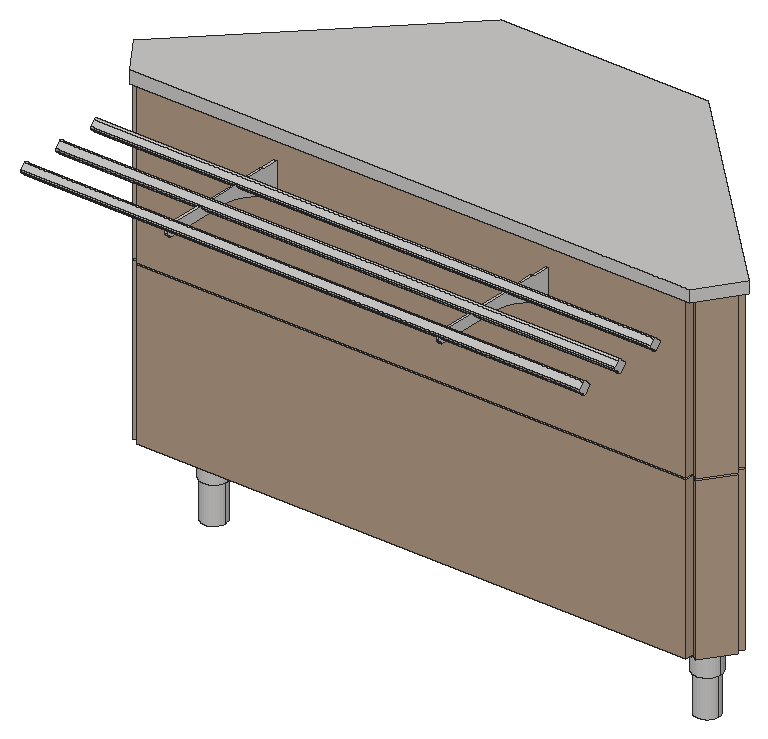
Revit family "QF_ELECTROLUXPROFESSIONAL_322112_F31N0AF00W", category Specialty Equipment, Revit 2018
Family settings
  Round Connector Dimension = Use Diameter
  Part Type = Normal
  Work Plane-Based = No
  Always vertical = Yes
  Cut with Voids When Loaded = No
  Shared = No
  Room Calculation Point = No
Parameters (values of type "Standard")
  Weight = 60.00 kg
  Watts = 0 W
  Volts = 0 V
  URL Manufacturer = "http://professional.electrolux.com"
  URL = "http://professional.electrolux.com"
  Steam Supply Size = 0 mm
  Steam Supply Minimum Pressure = 0.0 Pa
  Steam Supply Maximum Pressure = 0.0 Pa
  Steam Pounds per Hour = 0
  Show Clearance [instance] = yes
  Refrigeration Suction Line Size = 0 mm
  Refrigeration Liquid Line Size = 0 mm
  Refrigerant Compressor Remote = yes
  Manufacturer = "Electrolux Professional"
  Phase = 0
  Model = "F31N0AF00W"
  Length Actual = 1320 mm  # constant formula
  Item Number = "322112"
  Hot Water Size = 0 mm
  Height Actual = 900 mm  # constant formula
  HP = "0 HP"
  Gas Size = 0 mm
  Gas KW = 0
  Gas Input Pressure = 0 W
  Direct Waste Size = 0 mm
  Description = "CORNER UNIT 90° H=900MM"
  Depth Actual = 820 mm  # constant formula
  Cycle = 0 Hz
  Condensate Return Size = 0 mm
  Compressed Air Volume = 0.0 L/s
  Compressed Air Size = 0 mm
  Compressed Air Pressure = 0.0 Pa
  Cold Water Size = 0 mm
  Accessory = yes
Types (2, lengths in mm): name | URL | Manufacturer | Model | Description
  (no name) | 0 | 0 | 0 | 0
  Standard | "http://professional.electrolux.com" | "Electrolux Professional" | "F31N0AF00W" | "CORNER UNIT 90° H=900MM"
Values of the unnamed type that differ from the named types
  URL Manufacturer = ""
  Item Number = ""
  HP = ""
Reference planes
  plane 1 "Centro (Fronte/Retro)": y = 74.737
  plane 2: z = 0
  plane 3 "FRONT": y = -285.263
  plane 4: z = 900
  plane 5 "RIGHT": x = 146.231
  plane 6 "LEFT": x = -1174.769
  plane 7: x = -514.269
  plane 8: y = -565.263
  plane 9: z = 179
  plane 10: z = 1304
  plane 11: z = 1222
  plane 12: z = 874
  plane 13: z = 182
  plane 14: z = 527
  plane 15: z = 531
  plane 16: x = -995.769
  plane 17: x = -344.269
  plane 18 "BACK": y = 237.737
Forms (mm)
  Extrusion 1, solid, material "QF_Finishes_Wood"
    sketch origin (0, 0, 0) x (1, 0, 0) y (0, 1, 0)
      loop
        line (-727.656, 215.737) -> (-1146.237, -202.844) -> (-1104.464, -263.263) -> (75.927, -263.263) -> (117.7, -202.844) -> (-300.881, 215.737) -> (-727.656, 215.737)
    from 179 to 874
  Extrusion 2, solid, material "QF_Finishes_Wood"
    sketch origin (-344.269, 412.737, 0) x (0, -1, 0) y (0, 0, -1)
      loop
        line (676, -182) -> (676, -527) -> (694, -527) -> (694, -182) -> (676, -182)
      loop
        line (676, -531) -> (676, -874) -> (694, -874) -> (694, -531) -> (676, -531)
    from 420.57 to -760.5
  Extrusion 3, solid, material "QF_Finishes_Wood"
    sketch origin (-344.269, -360.263, 0) x (0, 1, 0) y (0, 0, 1)
      loop
        line (576, 531) -> (594, 531) -> (594, 874) -> (576, 874) -> (576, 531)
    from 43.231 to -383.132
  Extrusion 4, solid, material "QF_Finishes_Stainless Steel"
    sketch origin (0, 0, 0) x (1, 0, 0) y (0, 1, 0)
      loop
        line (87.463, -285.263) -> (146.231, -200.263) -> (-291.769, 237.737) -> (-736.769, 237.737) -> (-1174.769, -200.263) -> (-1116, -285.263) -> (87.463, -285.263)
    from 874 to 900
  Extrusion 5, solid, material "QF_Finishes_Wood"
    sketch origin (-344.269, -163.263, -348) x (0, 1, 0) y (0, 0, 1)
      loop
        line (379, 530) -> (397, 530) -> (397, 875) -> (379, 875) -> (379, 530)
    from 43.231 to -383.132
  Extrusion 6, solid, material "QF_Finishes_Wood"
    sketch origin (-2128.724, -2.148, 0) x (0.822543, 0.568703, 0) y (0, 0, -1)
      loop
        line (676, -182) -> (676, -527) -> (694, -527) -> (694, -182) -> (676, -182)
      loop
        line (676, -531) -> (676, -874) -> (694, -874) -> (694, -531) -> (676, -531)
    from -722.27 to -796.649
  Extrusion 7, solid, material "QF_Finishes_Wood"
    sketch origin (1100.186, -2.148, 0) x (-0.822543, 0.568703, 0) y (0, 0, 1)
      loop
        line (676, 182) -> (694, 182) -> (694, 527) -> (676, 527) -> (676, 182)
      loop
        line (676, 531) -> (694, 531) -> (694, 874) -> (676, 874) -> (676, 531)
    from -723.092 to -796.649
  Extrusion 8, solid, material "QF_Finishes_Wood"
    sketch origin (130.675, -215.819, 0) x (-0.707107, 0.707107, 0) y (0, 0, 1)
      loop
        line (18.349, 179) -> (610.313, 179) -> (610.313, 527) -> (18.349, 527) -> (18.349, 179)
      loop
        line (18.349, 874) -> (18.349, 531) -> (610.313, 531) -> (610.313, 874) -> (18.349, 874)
    from 0 to 18
  Extrusion 9, solid, material "QF_Finishes_Wood"
    sketch origin (-1159.212, -215.819, 0) x (0.707107, 0.707107, 0) y (0, 0, -1)
      loop
        line (18.349, -179) -> (18.349, -527) -> (610.313, -527) -> (610.313, -179) -> (18.349, -179)
      loop
        line (18.349, -874) -> (610.313, -874) -> (610.313, -531) -> (18.349, -531) -> (18.349, -874)
    from 0 to 18
  Extrusion 10, solid, material "QF_Finishes_Stainless Steel"
    sketch origin (-224.769, 312.737, 0) x (0, -1, 0) y (0, 0, -1)
      loop
        arc (628.84, -832.7) -> (632.082, -833.911) -> (635.519, -834.32) r 14.5
        line (635.519, -834.32) -> (675.715, -834.32) -> (689.858, -820.177) -> (704, -834.32) -> (770.715, -834.32) -> (784.858, -820.177) -> (799, -834.32) -> (865.716, -834.32) -> (879.858, -820.177) -> (887.686, -828.005) -> (887.686, -821.352)
        arc (887.686, -821.352) -> (887.303, -819.435) -> (886.214, -817.81) r 4.999
        line (886.214, -817.81) -> (881.179, -812.776)
        arc (881.179, -812.776) -> (879.559, -811.698) -> (877.651, -811.32) r 5
        line (877.651, -811.32) -> (732.206, -811.32)
        arc (732.206, -811.32) -> (708.662, -809.221) -> (685.86, -802.991) r 133.106
        line (685.86, -802.991) -> (638.285, -785.32) -> (597.679, -770.12) -> (594, -770.12) -> (594, -832.7) -> (628.84, -832.7)
    from 0 to 5
  Extrusion 11, solid, material "QF_Finishes_Stainless Steel"
    sketch origin (-808.769, 312.737, 0) x (0, -1, 0) y (0, 0, -1)
      loop
        arc (628.84, -832.7) -> (632.082, -833.911) -> (635.519, -834.32) r 14.5
        line (635.519, -834.32) -> (675.715, -834.32) -> (689.858, -820.177) -> (704, -834.32) -> (770.715, -834.32) -> (784.858, -820.177) -> (799, -834.32) -> (865.716, -834.32) -> (879.858, -820.177) -> (887.686, -828.005) -> (887.686, -821.352)
        arc (887.686, -821.352) -> (887.303, -819.435) -> (886.214, -817.81) r 4.999
        line (886.214, -817.81) -> (881.179, -812.776)
        arc (881.179, -812.776) -> (879.559, -811.698) -> (877.651, -811.32) r 5
        line (877.651, -811.32) -> (732.206, -811.32)
        arc (732.206, -811.32) -> (708.662, -809.221) -> (685.86, -802.991) r 133.106
        line (685.86, -802.991) -> (638.285, -785.32) -> (597.679, -770.12) -> (594, -770.12) -> (594, -832.7) -> (628.84, -832.7)
    from 0 to 5
  Extrusion 12, solid, material "QF_Finishes_Stainless Steel"
    sketch origin (-133.269, 312.737, 0) x (0, -1, 0) y (0, 0, -1)
      loop
        line (881.983, -846.337) -> (891.875, -836.445)
        arc (891.875, -836.445) -> (892.757, -834.322) -> (891.879, -832.198) r 3
        line (891.879, -832.198) -> (881.979, -822.299)
        arc (881.979, -822.299) -> (879.858, -821.42) -> (877.737, -822.299) r 3
        line (877.737, -822.299) -> (867.837, -832.198)
        arc (867.837, -832.198) -> (866.958, -834.32) -> (867.837, -836.441) r 3
        line (867.837, -836.441) -> (877.737, -846.34)
        arc (877.737, -846.34) -> (879.86, -847.219) -> (881.983, -846.337) r 3
      loop
        line (786.979, -846.34) -> (796.879, -836.441)
        arc (796.879, -836.441) -> (797.757, -834.32) -> (796.879, -832.198) r 3
        line (796.879, -832.198) -> (786.979, -822.299)
        arc (786.979, -822.299) -> (784.858, -821.42) -> (782.737, -822.299) r 3
        line (782.737, -822.299) -> (772.837, -832.198)
        arc (772.837, -832.198) -> (771.958, -834.317) -> (772.833, -836.437) r 3
        line (772.833, -836.437) -> (782.741, -846.345)
        arc (782.741, -846.345) -> (784.861, -847.219) -> (786.979, -846.34) r 3
      loop
        line (691.976, -846.343) -> (701.882, -836.438)
        arc (701.882, -836.438) -> (702.757, -834.318) -> (701.879, -832.198) r 3
        line (701.879, -832.198) -> (691.979, -822.299)
        arc (691.979, -822.299) -> (689.858, -821.42) -> (687.737, -822.299) r 3
        line (687.737, -822.299) -> (677.837, -832.198)
        arc (677.837, -832.198) -> (676.958, -834.32) -> (677.837, -836.441) r 3
        line (677.837, -836.441) -> (687.737, -846.34)
        arc (687.737, -846.34) -> (689.856, -847.219) -> (691.976, -846.343) r 3
    from 220.731 to -982.731
Lines and regions (mm)
  symbolic lines
    curve 1: line (-736.769, 237.737, 0) -> (-291.769, 237.737, 0)
    curve 2: line (-736.769, 237.737, 0) -> (-1174.769, -200.263, 0)
    curve 3: line (146.231, -200.263, 0) -> (-291.769, 237.737, 0)
    curve 4: line (-1174.769, -200.263, 0) -> (-1116, -285.263, 0)
    curve 5: line (-1116, -285.263, 0) -> (-1116, -580.263, 0)
    curve 6: line (-1116, -580.263, 0) -> (87.463, -580.263, 0)
    curve 7: line (87.463, -580.263, 0) -> (87.463, -285.263, 0)
    curve 8: line (87.463, -285.263, 0) -> (146.231, -200.263, 0)
    curve 9: line (87.463, -285.263, 0) -> (-1116, -285.263, 0)
Dimensions and locks
  plane 6 "LEFT" to plane 5 "RIGHT" = 1321 mm
  plane 1 "Centro (Fronte/Retro)" to plane 3 "FRONT" = 360 mm
  equal spacing: plane 6 "LEFT", plane 7, plane 5 "RIGHT"
  locked: plane 3 "FRONT" to plane 8 at 280
  plane 9 to plane 2 = 179 mm
  locked: plane 4 to plane 2 at 900
  locked: plane 10 to plane 2 at 1304
  locked: plane 11 to plane 2 at 1222
  locked: plane 4 to plane 12 at 26
  plane 6 "LEFT" to plane 17 to plane 5 "RIGHT" = 830.5 mm, 490.5 mm
  plane 18 "BACK" to plane 3 "FRONT" = 523 mm
  aligned and locked: level to plane 2
  aligned and locked: Extrusion 1 to plane 12
  aligned and locked: Extrusion 1 to plane 9
  aligned and locked: plane 13 to Extrusion 2 sketch curve
  aligned and locked: Extrusion 2 sketch curve to plane 14
  aligned and locked: plane 15 to Extrusion 2 sketch curve
  aligned and locked: Extrusion 2 sketch curve to plane 12
  aligned and locked: Extrusion 4 to plane 12
  aligned and locked: Extrusion 5 to plane 13
  aligned and locked: plane 14 to Extrusion 5
Automatic sketch dimensions
  plane 6 "LEFT" to Extrusion 1 sketch curve = 28.531 mm
  plane 3 "FRONT" to Extrusion 1 sketch curve = 22 mm
  plane 6 "LEFT" to Extrusion 1 sketch curve = 70.304 mm
  Extrusion 1 sketch curve to plane 18 "BACK" = 22 mm
  Extrusion 1 sketch curve to plane 7 = 213.387 mm
  plane 17 to Extrusion 1 sketch curve = 43.387 mm
  Extrusion 1 sketch curve to plane 5 "RIGHT" = 70.304 mm
  Extrusion 1 sketch curve to plane 5 "RIGHT" = 28.531 mm
  Extrusion 1 sketch curve to Extrusion 1 sketch curve = 60.418 mm  (x2)
  plane 3 "FRONT" to Extrusion 2 sketch curve = 22 mm  (x2)
  plane 3 "FRONT" to Extrusion 2 sketch curve = 4 mm  (x2)
  Extrusion 3 sketch curve to plane 12 = 0 mm
  Extrusion 3 sketch curve to plane 18 "BACK" = 22 mm
  Extrusion 3 sketch curve to plane 15 = 0 mm
  Extrusion 3 sketch curve to Extrusion 3 sketch curve = 18 mm
  Extrusion 4 sketch curve to plane 6 "LEFT" = 0 mm
  Extrusion 4 sketch curve to plane 3 "FRONT" = 0 mm
  Extrusion 4 sketch curve to plane 18 "BACK" = 0 mm
  Extrusion 4 sketch curve to plane 5 "RIGHT" = 0 mm
  plane 6 "LEFT" to Extrusion 4 sketch curve = 58.769 mm
  Extrusion 4 sketch curve to plane 7 = 222.5 mm
  plane 17 to Extrusion 4 sketch curve = 52.5 mm
  Extrusion 4 sketch curve to plane 5 "RIGHT" = 58.769 mm
  plane 3 "FRONT" to Extrusion 4 sketch curve = 85 mm  (x2)
  Extrusion 5 sketch curve to plane 14 = 0 mm
  Extrusion 5 sketch curve to plane 13 = 0 mm
  plane 13 to Extrusion 6 sketch curve = 0 mm
  plane 12 to Extrusion 6 sketch curve = 0 mm
  plane 14 to Extrusion 6 sketch curve = 0 mm
  plane 15 to Extrusion 6 sketch curve = 0 mm
  Extrusion 6 sketch curve to Extrusion 6 sketch curve = 0 mm
  Extrusion 6 sketch curve to Extrusion 6 sketch curve = 18 mm  (x2)
  plane 13 to Extrusion 7 sketch curve = 0 mm
  plane 12 to Extrusion 7 sketch curve = 0 mm
  plane 14 to Extrusion 7 sketch curve = 0 mm
  plane 15 to Extrusion 7 sketch curve = 0 mm
  Extrusion 7 sketch curve to Extrusion 7 sketch curve = 0 mm
  Extrusion 7 sketch curve to Extrusion 7 sketch curve = 18 mm  (x2)
  Extrusion 8 sketch curve to Extrusion 1 = 0 mm  (x6)
  Extrusion 1 to Extrusion 8 sketch curve = 347 mm
  Extrusion 8 sketch curve to Extrusion 8 sketch curve = 4 mm
  plane 9 to Extrusion 9 sketch curve = 0 mm
  plane 12 to Extrusion 9 sketch curve = 0 mm
  plane 15 to Extrusion 9 sketch curve = 0 mm
  plane 14 to Extrusion 9 sketch curve = 0 mm
  Extrusion 9 sketch curve to Extrusion 9 sketch curve = 0 mm  (x2)
  Extrusion 9 sketch curve to Extrusion 9 sketch curve = 591.964 mm
  plane 3 "FRONT" to Extrusion 10 sketch curve = 4 mm
  Extrusion 10 sketch curve to Extrusion 10 sketch curve = 3.679 mm
  Extrusion 10 sketch curve to plane 3 "FRONT" = 30.84 mm
  Extrusion 10 sketch curve to plane 3 "FRONT" = 37.5 mm
  Extrusion 10 sketch curve to Extrusion 10 sketch curve = 6.678 mm
  Extrusion 10 sketch curve to plane 3 "FRONT" = 40.285 mm
  Extrusion 10 sketch curve to plane 3 "FRONT" = 77.715 mm
  Extrusion 10 sketch curve to Extrusion 10 sketch curve = 10.145 mm
  Extrusion 10 sketch curve to Extrusion 10 sketch curve = 3.998 mm
  Extrusion 10 sketch curve to Extrusion 10 sketch curve = 14.142 mm  (x3)
  Extrusion 10 sketch curve to Extrusion 10 sketch curve = 28.206 mm
  Extrusion 10 sketch curve to Extrusion 10 sketch curve = 38.51 mm
  Extrusion 10 sketch curve to plane 12 = 53.823 mm
  Extrusion 10 sketch curve to Extrusion 10 sketch curve = 14.143 mm
  Extrusion 10 sketch curve to plane 12 = 39.68 mm  (x2)
  plane 8 to Extrusion 10 sketch curve = 12.284 mm
  Extrusion 10 sketch curve to Extrusion 10 sketch curve = 11.935 mm
  Extrusion 10 sketch curve to Extrusion 10 sketch curve = 2.207 mm
  Extrusion 10 sketch curve to Extrusion 10 sketch curve = 3.528 mm  (x2)
  Extrusion 10 sketch curve to Extrusion 10 sketch curve = 2.829 mm
  Extrusion 10 sketch curve to Extrusion 10 sketch curve = 4.999 mm
  Extrusion 10 sketch curve to Extrusion 10 sketch curve = 1.62 mm
  Extrusion 10 sketch curve to Extrusion 10 sketch curve = 6.314 mm
  Extrusion 10 sketch curve to Extrusion 10 sketch curve = 6.653 mm
  Extrusion 10 sketch curve to Extrusion 10 sketch curve = 1.175 mm
  Extrusion 10 sketch curve to Extrusion 10 sketch curve = 3.858 mm
  Extrusion 10 sketch curve to Extrusion 10 sketch curve = 3.543 mm
  Extrusion 10 sketch curve to Extrusion 10 sketch curve = 23 mm
  Extrusion 10 sketch curve to Extrusion 10 sketch curve = 17.187 mm
  Extrusion 10 sketch curve to Extrusion 10 sketch curve = 34.499 mm
  Extrusion 10 sketch curve to Extrusion 10 sketch curve = 15.2 mm
  Extrusion 10 sketch curve to Extrusion 10 sketch curve = 0 mm
  plane 3 "FRONT" to Extrusion 11 sketch curve = 4 mm
  Extrusion 11 sketch curve to Extrusion 11 sketch curve = 3.679 mm
  Extrusion 11 sketch curve to plane 3 "FRONT" = 30.84 mm
  Extrusion 11 sketch curve to plane 3 "FRONT" = 37.5 mm
  Extrusion 11 sketch curve to Extrusion 11 sketch curve = 6.678 mm
  Extrusion 11 sketch curve to plane 3 "FRONT" = 40.285 mm
  Extrusion 11 sketch curve to plane 3 "FRONT" = 77.715 mm
  Extrusion 11 sketch curve to Extrusion 11 sketch curve = 10.145 mm
  Extrusion 11 sketch curve to Extrusion 11 sketch curve = 3.998 mm
  Extrusion 11 sketch curve to Extrusion 11 sketch curve = 14.142 mm  (x3)
  Extrusion 11 sketch curve to Extrusion 11 sketch curve = 28.206 mm
  Extrusion 11 sketch curve to Extrusion 11 sketch curve = 38.51 mm
  Extrusion 11 sketch curve to plane 12 = 53.823 mm
  Extrusion 11 sketch curve to Extrusion 11 sketch curve = 14.143 mm
  Extrusion 11 sketch curve to plane 12 = 39.68 mm  (x2)
  plane 8 to Extrusion 11 sketch curve = 12.284 mm
  Extrusion 11 sketch curve to Extrusion 11 sketch curve = 11.935 mm
  Extrusion 11 sketch curve to Extrusion 11 sketch curve = 2.207 mm
  Extrusion 11 sketch curve to Extrusion 11 sketch curve = 3.528 mm  (x2)
  Extrusion 11 sketch curve to Extrusion 11 sketch curve = 2.829 mm
  Extrusion 11 sketch curve to Extrusion 11 sketch curve = 4.999 mm
  Extrusion 11 sketch curve to Extrusion 11 sketch curve = 1.62 mm
  Extrusion 11 sketch curve to Extrusion 11 sketch curve = 6.314 mm
  Extrusion 11 sketch curve to Extrusion 11 sketch curve = 6.653 mm
  Extrusion 11 sketch curve to Extrusion 11 sketch curve = 1.175 mm
  Extrusion 11 sketch curve to Extrusion 11 sketch curve = 3.858 mm
  Extrusion 11 sketch curve to Extrusion 11 sketch curve = 3.543 mm
  Extrusion 11 sketch curve to Extrusion 11 sketch curve = 23 mm
  Extrusion 11 sketch curve to Extrusion 11 sketch curve = 17.187 mm
  Extrusion 11 sketch curve to Extrusion 11 sketch curve = 34.499 mm
  Extrusion 11 sketch curve to Extrusion 11 sketch curve = 15.2 mm
  Extrusion 11 sketch curve to Extrusion 11 sketch curve = 0 mm
  Extrusion 12 sketch curve to plane 3 "FRONT" = 81.958 mm
  Extrusion 12 sketch curve to Extrusion 12 sketch curve = 9.899 mm  (x9)
  Extrusion 12 sketch curve to plane 12 = 27.657 mm
  Extrusion 12 sketch curve to Extrusion 12 sketch curve = 2.118 mm  (x3)
  Extrusion 12 sketch curve to Extrusion 12 sketch curve = 2.124 mm  (x2)
  Extrusion 12 sketch curve to plane 12 = 37.563 mm
  Extrusion 12 sketch curve to Extrusion 12 sketch curve = 70.951 mm
  Extrusion 12 sketch curve to plane 12 = 41.802 mm  (x2)
  Extrusion 12 sketch curve to Extrusion 12 sketch curve = 0.004 mm  (x2)
  Extrusion 12 sketch curve to Extrusion 12 sketch curve = 2.121 mm  (x21)
  Extrusion 12 sketch curve to plane 12 = 27.655 mm
  Extrusion 12 sketch curve to Extrusion 12 sketch curve = 9.908 mm
  Extrusion 12 sketch curve to Extrusion 12 sketch curve = 2.117 mm
  Extrusion 12 sketch curve to Extrusion 12 sketch curve = 9.9 mm  (x4)
  Extrusion 12 sketch curve to plane 12 = 27.66 mm
  Extrusion 12 sketch curve to plane 12 = 37.559 mm
  plane 8 to Extrusion 12 sketch curve = 10.163 mm
  Extrusion 12 sketch curve to Extrusion 12 sketch curve = 0 mm  (x16)
  Extrusion 12 sketch curve to plane 12 = 27.663 mm
  Extrusion 12 sketch curve to Extrusion 12 sketch curve = 2.125 mm  (x2)
  Extrusion 12 sketch curve to Extrusion 12 sketch curve = 9.892 mm
  Extrusion 12 sketch curve to Extrusion 12 sketch curve = 9.905 mm
  Extrusion 12 sketch curve to plane 12 = 51.701 mm  (x2)
  curve 2 to plane 6 "LEFT" = 0 mm
  curve 5 to plane 3 "FRONT" = 0 mm
  curve 2 to plane 18 "BACK" = 0 mm
  curve 8 to plane 5 "RIGHT" = 0 mm
  plane 6 "LEFT" to curve 5 = 58.769 mm
  curve 2 to plane 7 = 222.5 mm
  curve 7 to plane 8 = 15 mm
  curve 7 to plane 5 "RIGHT" = 58.769 mm
  plane 3 "FRONT" to curve 8 = 85 mm
  plane 3 "FRONT" to curve 4 = 85 mm
  plane 17 to curve 3 = 52.5 mm
  Extrusion 5 sketch curve to plane 18 "BACK" = 22 mm
  Extrusion 5 sketch curve to plane 18 "BACK" = 4 mm
Nested families
  nested 1: "Foot_Ø50_H179" at (-1044.769, -148.263, 0), type "Foot_Ø50_H179"
  nested 2: "Foot_Ø50_H179" at (16.231, -148.263, 0) x (-1, 0, 0) z (0, 0, 1), type "Foot_Ø50_H179"
  nested 3: "Foot_Ø50_H179" at (-189.769, 49.737, 0) x (-1, 0, 0) z (0, 0, 1), type "Foot_Ø50_H179"
  nested 4: "Foot_Ø50_H179" at (-838.769, 49.737, 0) x (-1, 0, 0) z (0, 0, 1), type "Foot_Ø50_H179"
Definition of nested family "Foot_Ø50_H179"
  Reference planes
    plane 1 "Centro (Fronte/Retro)": y = 0
    plane 2: z = 0
    plane 3 "Centro (Sinistra/Destra)": x = 0
    plane 4: z = 179
  Forms (mm)
    Revolve 1, solid
      sketch origin (255.05, 0, 608.09) x (0, 0, 1) y (-1, 0, 0)
        loop
          line (-608.09, 255.05) -> (-608.09, 230.05) -> (-526.09, 230.05) -> (-526.09, 226.05) -> (-429.09, 226.05) -> (-429.09, 255.05) -> (-608.09, 255.05)
        axis (-608.09, 255.05) -> (-429.09, 255.05)
      angle from 0 to 360
  Dimensions and locks
    Revolve 1 sketch curve to Revolve 1 sketch curve = 97 mm
    aligned and locked: level to plane 2
    aligned and locked: plane 4 to Revolve 1 sketch curve
    aligned and locked: Revolve 1 sketch curve to level
    aligned and locked: plane 3 "Centro (Sinistra/Destra)" to Revolve 1 sketch curve
